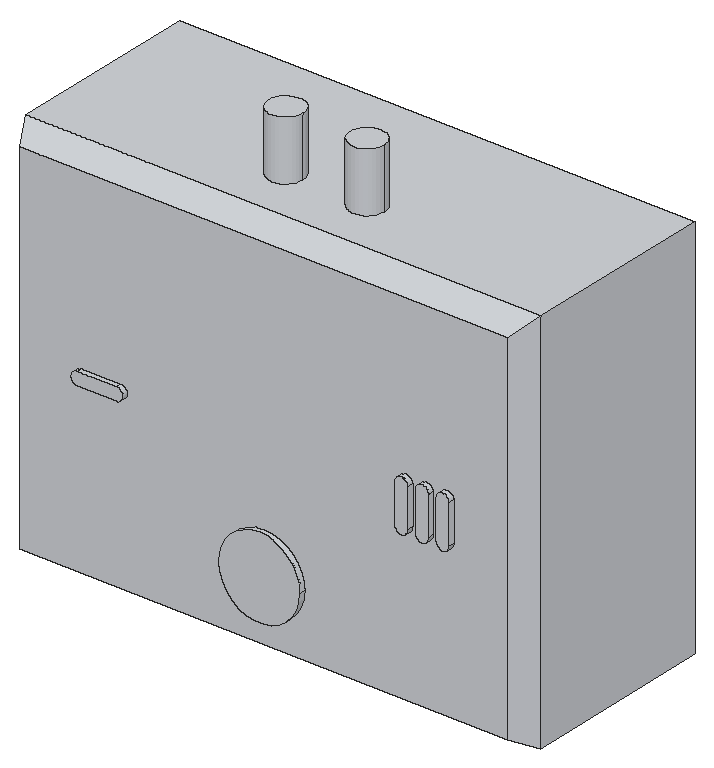
Revit family "DEM 6 AU", category Mechanical Equipment, Revit 2019
Family settings
  Round Connector Dimension = Use Diameter
  Classification = None
  Part Type = Normal
  OmniClass Number = 23.45.00.00
  OmniClass Title = Sanitary, Laundry, and Cleaning Equipment
  Work Plane-Based = No
  Always vertical = Yes
  Cut with Voids When Loaded = No
  Shared = No
  Room Calculation Point = No
Parameters
  w = 143 mm
  l = 190 mm
  h = 82 mm
  d1 = 29.999 mm
  d = 90 mm
  URL = ""
  Manufacturer = ""
  Description = ""
Reference planes
  plane 1 "Center (Front/Back)": y = 0
  plane 2: z = 2.812
  plane 3 "Center (Left/Right)": x = 0
  plane 4: x = -95
  plane 5: x = 95
  plane 6: z = 145.813
  plane 7: y = 82
  plane 8: y = -82
  plane 9: x = -15
  plane 10: x = 15
  plane 11: z = 167.813
  plane 12: z = 30.812
  plane 13: x = -60.068
  plane 14: x = 60.068
  plane 15: z = 72.813
  plane 16: y = 2
  plane 17: y = 10.938
Forms (mm)
  Extrusion 1, solid
    sketch origin (0, 0, 0) x (1, 0, 0) y (0, 0, 1)
      loop
        line (-95, 145.812) -> (-95, 2.812) -> (95, 2.812) -> (95, 145.812) -> (-95, 145.812)
    from -82 to -10.937
  Extrusion 2, solid
    sketch origin (-112.247, 8.748, 145.812) x (1, 0, 0) y (0, 1, 0)
      loop
        circle (127.246, 22.189) r 6.35
    from 0 to 22
  Extrusion 3, solid
    sketch origin (112.247, 8.748, 145.812) x (-1, 0, 0) y (0, -1, 0)
      loop
        circle (127.246, -22.189) r 6.35
    from 0 to 22
  Extrusion 4, solid
    sketch origin (0, 0, 0) x (1, 0, 0) y (0, 0, 1)
      loop
        line (-67.218, 70.561) -> (-52.918, 70.561)
        arc (-52.918, 70.561) -> (-50.518, 72.961) -> (-52.918, 75.361) r 2.4
        line (-52.918, 75.361) -> (-67.218, 75.361)
        arc (-67.218, 75.361) -> (-69.618, 72.961) -> (-67.218, 70.561) r 2.4
    from -2 to 0
  Extrusion 5, solid
    sketch origin (0, 0, 0) x (1, 0, 0) y (0, 0, 1)
      loop
        circle (0, 30.812) r 15
    from -2 to 0
  Extrusion 6, solid
    sketch origin (133.029, 0, 12.893) x (0, 0, -1) y (1, 0, 0)
      loop
        arc (-67.218, -70.561) -> (-69.618, -72.961) -> (-67.218, -75.361) r 2.4
        line (-67.218, -75.361) -> (-52.918, -75.361)
        arc (-52.918, -75.361) -> (-50.518, -72.961) -> (-52.918, -70.561) r 2.4
        line (-52.918, -70.561) -> (-67.218, -70.561)
    from -2 to 0
  Extrusion 7, solid
    sketch origin (140.641, 0, 12.893) x (0, 0, -1) y (1, 0, 0)
      loop
        arc (-67.218, -70.561) -> (-69.618, -72.961) -> (-67.218, -75.361) r 2.4
        line (-67.218, -75.361) -> (-52.918, -75.361)
        arc (-52.918, -75.361) -> (-50.518, -72.961) -> (-52.918, -70.561) r 2.4
        line (-52.918, -70.561) -> (-67.218, -70.561)
    from -2 to 0
  Extrusion 8, solid
    sketch origin (-20.505, 0, 12.893) x (0, 0, -1) y (1, 0, 0)
      loop
        line (-67.218, 70.561) -> (-52.918, 70.561)
        arc (-52.918, 70.561) -> (-50.518, 72.961) -> (-52.918, 75.361) r 2.4
        line (-52.918, 75.361) -> (-67.218, 75.361)
        arc (-67.218, 75.361) -> (-69.618, 72.961) -> (-67.218, 70.561) r 2.4
    from -2 to 0
  SweptBlend 9, solid
    path origin (0, 0, 0) x (0, 1, 0) y (0, 0, 1)
      loop
        line (2, 72.812) -> (10.938, 72.812)
    profile origin (0, 2, 72.813) x (0, 0, 1) y (1, 0, 0)
      loop
        line (68, -90) -> (68, 90) -> (-65, 90) -> (-65, -90) -> (68, -90)
    end profile origin (0, 10.938, 72.812) x (0, 0, 1) y (1, 0, 0)
      loop
        line (73, -95) -> (73, 95) -> (-70, 95) -> (-70, -95) -> (73, -95)
Cuts and joins
  joined: Extrusion 1, Extrusion 2, Extrusion 3, Extrusion 4, Extrusion 5, Extrusion 6, Extrusion 7, Extrusion 8, SweptBlend 9
Lines and regions (mm)
  reference lines
    curve 1: line (0, 25.938, 216.029) -> (0, 25.938, 36.029)
Dimensions and locks
  equal spacing: plane 7, plane 1 "Center (Front/Back)", plane 8
  plane 7 to plane 8 = 164 mm
  plane 5 to plane 4 = 190 mm
  equal spacing: plane 5, plane 3 "Center (Left/Right)", plane 4
  "w": plane 6 to level
  "l": plane 5 to plane 4
  "h": plane 1 "Center (Front/Back)" to plane 7
  curve 1 to plane 1 "Center (Front/Back)" = 25.938 mm
  equal spacing: plane 10, curve 1, plane 9
  "d1": plane 10 to plane 9
  level to plane 11 = 165 mm
  plane 12 to level = 28 mm
  equal spacing: plane 14, curve 1, plane 13
  plane 14 to plane 13 = 120.136 mm
  plane 11 to plane 15 = 95 mm
  plane 1 "Center (Front/Back)" to plane 7 = 82 mm
  aligned and locked: level to plane 2
  aligned and locked: Extrusion 1 to plane 5
  aligned and locked: plane 6 to Extrusion 1
  aligned and locked: Extrusion 1 to plane 4
  aligned and locked: Extrusion 1 to level
  aligned and locked: Extrusion 1 to plane 7
  aligned and locked: plane 11 to Extrusion 2
  aligned and locked: plane 1 "Center (Front/Back)" to Extrusion 5
  aligned and locked: plane 1 "Center (Front/Back)" to Extrusion 4
  aligned and locked: Extrusion 1 to plane 17
Automatic sketch dimensions
  Extrusion 1 sketch curve to level = 0 mm
  Extrusion 1 sketch curve to plane 4 = 0 mm
  plane 5 to Extrusion 1 sketch curve = 0 mm
  Extrusion 1 sketch curve to plane 6 = 0 mm
  plane 12 to curve 1 = 5.216 mm
  plane 11 to curve 1 = 48.216 mm
  Extrusion 1 to Extrusion 2 sketch curve = 20 mm
  Extrusion 2 sketch curve to Extrusion 1 = 80 mm
  Extrusion 1 to Extrusion 3 sketch curve = 20 mm
  Extrusion 3 sketch curve to Extrusion 1 = 80 mm
  Extrusion 4 sketch curve to plane 15 = 2.251 mm
  Extrusion 4 sketch curve to plane 13 = 7.15 mm
  plane 13 to Extrusion 4 sketch curve = 7.15 mm
  plane 15 to Extrusion 4 sketch curve = 0.149 mm
  Extrusion 5 sketch curve to Extrusion 5 sketch curve = 0 mm  (x2)
  Extrusion 5 sketch curve to plane 9 = 0 mm
  Extrusion 5 sketch curve to plane 3 "Center (Left/Right)" = 0 mm
  Extrusion 5 sketch curve to plane 12 = 0 mm
  Extrusion 6 sketch curve to plane 14 = 0 mm
  Extrusion 6 sketch curve to plane 14 = 2.4 mm
  Extrusion 6 sketch curve to plane 15 = 7.299 mm
  plane 15 to Extrusion 6 sketch curve = 7.001 mm
  Extrusion 7 sketch curve to plane 15 = 7.299 mm
  plane 15 to Extrusion 7 sketch curve = 7.001 mm
  Extrusion 7 sketch curve to plane 14 = 10.012 mm
  Extrusion 7 sketch curve to Extrusion 7 sketch curve = 2.4 mm
  plane 15 to Extrusion 8 sketch curve = 7.299 mm
  Extrusion 8 sketch curve to plane 15 = 7.001 mm
  Extrusion 8 sketch curve to plane 14 = 10.012 mm
  Extrusion 8 sketch curve to Extrusion 8 sketch curve = 2.4 mm
  plane 17 to curve 1 = 15 mm
  SweptBlend 9 sketch curve to plane 15 = 0 mm
  SweptBlend 9 sketch curve to plane 1 "Center (Front/Back)" = 2 mm
  plane 17 to SweptBlend 9 sketch curve = 0 mm
  profile plane to SweptBlend 9 sketch curve = 70 mm
  SweptBlend 9 sketch curve to profile plane = 73 mm
  SweptBlend 9 sketch curve to plane 3 "Center (Left/Right)" = 95 mm
  plane 3 "Center (Left/Right)" to SweptBlend 9 sketch curve = 95 mm
  profile plane to SweptBlend 9 sketch curve = 65 mm
  SweptBlend 9 sketch curve to profile plane = 68 mm
  SweptBlend 9 sketch curve to plane 3 "Center (Left/Right)" = 90 mm
  plane 3 "Center (Left/Right)" to SweptBlend 9 sketch curve = 90 mm
  radius of Extrusion 2 sketch curve = 6.35 mm
  radius of Extrusion 3 sketch curve = 6.35 mm
Connectors
  piping at (-15, 30.937, 167.813), diameter 10
    settings: on Extrusion 3, index 1, connector inside diameter 24", connector length 0 mm, flow factor 0, pipe flow 0 GPM, pressure drop 0.00 psi, fitting loss kfactor 0, connector angle 0.00°, fixture units 0, engagement length 0 mm, angle of deflection 0.00°, flow configuration 0, flow direction 0, fitting loss method 0, system type 20, joint type 0, gender type 0, connector reference index -1, connector utility 0, adjustable connector no, is connector primary yes, connector description ""
  piping at (15, 30.937, 167.813), diameter 10
    settings: on Extrusion 2, index 2, connector inside diameter 24", connector length 0 mm, flow factor 0, pipe flow 0 GPM, pressure drop 0.00 psi, fitting loss kfactor 0, connector angle 0.00°, fixture units 0, engagement length 0 mm, angle of deflection 0.00°, flow configuration 0, flow direction 0, fitting loss method 0, system type 19, joint type 0, gender type 0, connector reference index -1, connector utility 0, adjustable connector no, is connector primary no, connector description ""
